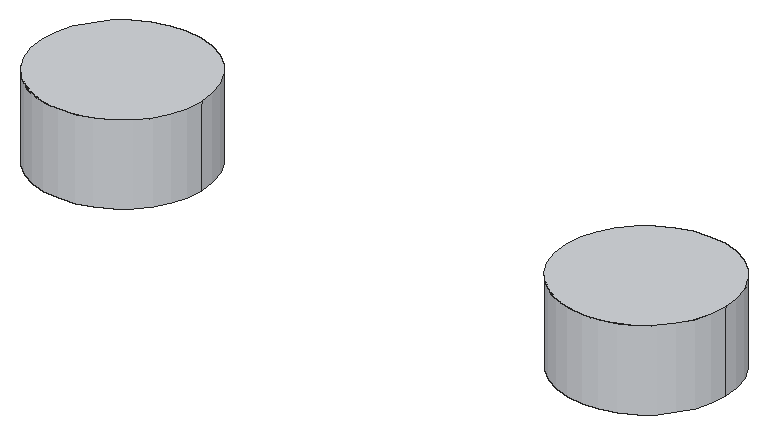
Revit family "E181.03_L5", category Plumbing Fixtures, Revit 2023
Family settings
  Round Connector Dimension = Use Diameter
  Part Type = Normal
  OmniClass Number = 23.45.55.17
  OmniClass Title = Mixing Faucets
  Work Plane-Based = No
  Enable Cutting in Views = Yes
  Always vertical = Yes
  Cut with Voids When Loaded = No
  Maintain Annotation Orientation = No
  Shared = No
  Room Calculation Point = No
Parameters (values of type "Standard")
  Waste Connection = no
  Vent Connection = no
  URL = "www.fvandina.com"
  Title = "Juego Monocomando Alto para Lavabos Vessel IGUAZÚ"
  Teléfono de contacto = "FV Responde 1800 38 38 38"
  Presión = "60 PSI"
  Part Number = "E181.03/L5"
  Model = "E181.03/L5"
  Material = "Latón"
  Manufacturer = "FV – ÁREA ANDINA S.A."
  Instalación = "https://fvandina.com/producto/1545-juego-monocomando-alto-para-lavabos-vessel-iguazu/"
  HW Connection = yes
  Garantía = "GARANTÍA TOTAL FV - DETALLES EN PÁGINA WEB"
  Dirección fabricante = "KM 25, VÍA SANGOLQUÍ AMAGUAÑA - PICHINCHA - ECUADOR"
  Description = "Juego Monocomando Alto para Lavabos Vessel IGUAZÚ"
  Default Elevation = 0' - 0"
  Cota largo = "127 mm"
  Cota ancho = "46 mm"
  Cota alto = "298 mm"
  Consumo agua grifería = "8.3 l/min"
  Connector_2_Diameter = 0' - 0.3937"
  Connector_1_Diameter = 0' - 0.3937"
  Conexión hidráulica = "W9/16\" x 19"
  Company = "FV - GRIFERÍA, SANITARIOS, COMPLEMENTOS"
  Certificación = "INEN"
  Catalog web link = "https://fvandina.com/producto/1545-juego-monocomando-alto-para-lavabos-vessel-iguazu/"
  CW Connection = yes
  Acabado = "Cromo"
Reference planes (in)
  plane 1 "Center (Front/Back)": y = 0
  plane 2: z = 0
  plane 3 "Center (Left/Right)": x = 0
Forms (in)
  Extrusion 1, solid
    sketch origin (0.3937, 0, 0) x (1, 0, 0) y (0, 1, 0)
      loop
        circle (0, 0) r 0.12
    from 0 to -0.12
  Extrusion 2, solid
    sketch origin (-0.3937, 0, 0) x (1, 0, 0) y (0, 1, 0)
      loop
        circle (0, 0) r 0.12
    from 0 to -0.12
Dimensions and locks (in)
  aligned and locked: plane 2 to level
Connectors (in)
  piping at (0.3937, 0, 0), diameter 0.3937, driven by "Connector_1_Diameter"
    settings: on Extrusion 1, index 1, connector inside diameter 24", connector length 0' - 0", flow factor 0, pipe flow 0 GPM, pressure drop 0.00 psi, fitting loss kfactor 0, connector angle 0.00°, fixture units 0, engagement length 0' - 0", angle of deflection 0.00°, flow configuration 1, flow direction 1, fitting loss method 0, system type 20, joint type 0, gender type 0, connector reference index -1, connector utility 0, adjustable connector no, is connector primary yes, connector description ""
  piping at (-0.3937, 0, 0), diameter 0.3937, driven by "Connector_2_Diameter"
    settings: on Extrusion 2, index 2, connector inside diameter 24", connector length 0' - 0", flow factor 0, pipe flow 0 GPM, pressure drop 0.00 psi, fitting loss kfactor 0, connector angle 0.00°, fixture units 0, engagement length 0' - 0", angle of deflection 0.00°, flow configuration 1, flow direction 1, fitting loss method 0, system type 19, joint type 0, gender type 0, connector reference index -1, connector utility 0, adjustable connector no, is connector primary no, connector description ""
